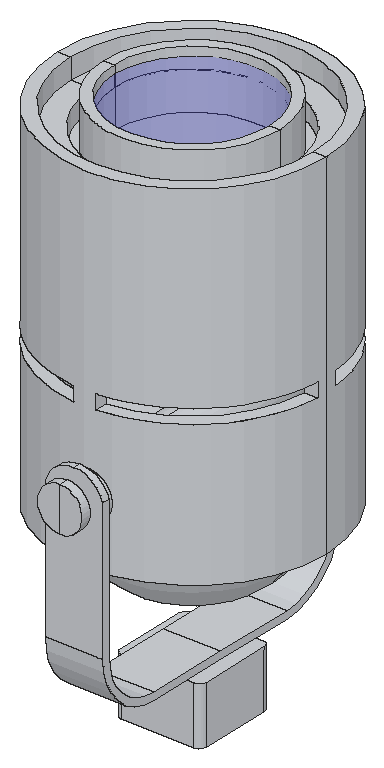
Revit family "Alcon-13110-3-SINGLE", category Generic Models, host Face, Revit 2025
Family settings
  Host = Face
  Can host rebar = No
  Round Connector Dimension = Use Diameter
  Part Type = Normal
  Cut with Voids When Loaded = No
  Maintain Annotation Orientation = No
  Shared = No
  Room Calculation Point = No
Parameters
  URL = "https://www.alconlighting.com/?srsltid=AfmBOooDPhGQ0dEP-X2PMtxFfvvWpIAEL4jCll_O2F4_to5onvhnBomy"
  Product Page URL = "https://www.alconlighting.com/bella-mini-cylinder-13110.html"
  Model = "13110"
  Manufacturer = "ALCON Lighter"
  Fixture Rotation = 90.00°
  Default Elevation = 4' - 0"
Reference planes (in)
  plane 1 "Center (Front/Back)": y = 0
  plane 2: z = 0
  plane 3 "Center (Left/Right)": x = 0
  plane 4: z = 2.21166
Forms (in)
  Extrusion 1, solid
    sketch origin (0.03835, 0, 2.21166) x (0, -1, 0) y (0, 0, -1)
      loop
        line (0, 1.64916) -> (0.72361, 1.64916)
        arc (0.72361, 1.64916) -> (1.07716, 1.50272) -> (1.22361, 1.14916) r 0.5
        line (1.22361, 1.14916) -> (1.22361, -0.29381) -> (1.28611, -0.29381) -> (1.28611, 1.14824)
        arc (1.28611, 1.14824) -> (1.12109, 1.54664) -> (0.72269, 1.71166) r 0.56342
        line (0.72269, 1.71166) -> (0, 1.71166) -> (-0.72219, 1.71166)
        arc (-0.72219, 1.71166) -> (-1.12059, 1.54664) -> (-1.28561, 1.14824) r 0.56342
        line (-1.28561, 1.14824) -> (-1.28561, -0.29381) -> (-1.22311, -0.29381) -> (-1.22311, 1.14916)
        arc (-1.22311, 1.14916) -> (-1.07666, 1.50272) -> (-0.72311, 1.64916) r 0.5
        line (-0.72311, 1.64916) -> (0, 1.64916)
    from -0.28835 to 0.21165
  Extrusion 2, solid
    sketch origin (0, 0, 0.5) x (0, 1, 0) y (1, 0, 0)
      loop
        arc (-0.375, -0.3125) -> (-0.35669, -0.35669) -> (-0.3125, -0.375) r 0.0625
        line (-0.3125, -0.375) -> (0.3125, -0.375)
        arc (0.3125, -0.375) -> (0.35669, -0.35669) -> (0.375, -0.3125) r 0.0625
        line (0.375, -0.3125) -> (0.375, 0.3125)
        arc (0.375, 0.3125) -> (0.35669, 0.35669) -> (0.3125, 0.375) r 0.0625
        line (0.3125, 0.375) -> (-0.3125, 0.375)
        arc (-0.3125, 0.375) -> (-0.35669, 0.35669) -> (-0.375, 0.3125) r 0.0625
        line (-0.375, 0.3125) -> (-0.375, -0.3125)
    from 0 to 0.5
  Extrusion 3, void
    sketch origin (0, 0, 0) x (1, 0, 0) y (0, 0, 1)
      loop
        line (-0.32875, 2.54598) -> (-0.32875, 0.32939) -> (-0.26003, 0.32939) -> (-0.26003, 2.21166)
        arc (-0.26003, 2.21166) -> (-0.18387, 2.39553) -> (0, 2.47169) r 0.26003
        arc (0, 2.47169) -> (0.18387, 2.39553) -> (0.26003, 2.21166) r 0.26003
        line (0.26003, 2.21166) -> (0.26003, 0.32939) -> (0.35969, 0.32939) -> (0.35969, 2.54598) -> (-0.32875, 2.54598)
    from -6.21513 to 12
Cuts and joins
  Extrusion 3 cuts Extrusion 1
Dimensions and locks (in)
  "Fixture Rotation": angle nested 1 to plane 4
  aligned and locked: plane 2 to host face
  aligned and locked: level to host face
Automatic sketch dimensions
  host sketch curve to host sketch curve = 8' - 0"  (x2)
  Extrusion 1 sketch curve to plane 1 "Center (Front/Back)" = 0' - 0"  (x2)
  Extrusion 1 sketch curve to plane 1 "Center (Front/Back)" = 0' - 0.72219"
  Extrusion 1 sketch curve to Extrusion 1 sketch curve = 0' - 0.00092"  (x3)
  Extrusion 1 sketch curve to Extrusion 1 sketch curve = 0' - 0 1/2"
  Extrusion 1 sketch curve to Extrusion 1 sketch curve = 0' - 0 1/16"  (x2)
  plane 1 "Center (Front/Back)" to Extrusion 1 sketch curve = 0' - 0.72269"
  Extrusion 1 sketch curve to plane 4 = 0' - 0.29381"  (x2)
  plane 1 "Center (Front/Back)" to Extrusion 1 sketch curve = 0' - 1.22361"
  level to Extrusion 1 sketch curve = 0' - 1.06342"
  plane 1 "Center (Front/Back)" to Extrusion 2 sketch curve = 0' - 0 3/8"
  Extrusion 2 sketch curve to Extrusion 2 sketch curve = 0' - 0 1/16"  (x3)
  Extrusion 2 sketch curve to plane 1 "Center (Front/Back)" = 0' - 0 5/16"  (x2)
  plane 3 "Center (Left/Right)" to Extrusion 2 sketch curve = 0' - 0 3/8"
  Extrusion 2 sketch curve to plane 3 "Center (Left/Right)" = 0' - 0 5/16"
  Extrusion 3 sketch curve to Extrusion 3 sketch curve = 0' - 0"  (x2)
  Extrusion 3 sketch curve to plane 4 = 0' - 0"
  Extrusion 3 sketch curve to plane 3 "Center (Left/Right)" = 0' - 0"
  Extrusion 3 sketch curve to Extrusion 3 sketch curve = 0' - 0.26003"
  Extrusion 3 sketch curve to plane 3 "Center (Left/Right)" = 0' - 0.32875"
  Extrusion 3 sketch curve to Extrusion 3 sketch curve = 0' - 0.09966"
  level to Extrusion 3 sketch curve = 0' - 0.32939"  (x2)
  Extrusion 3 sketch curve to plane 4 = 0' - 0.33432"
Nested families (in)
  nested 1: "Alcon-13110-3_CAN_" at (0, 0, 2.21166) x (0, 0, -1) z (0, -1, 0), type "Alcon-13110-3_CAN_"
    with built-in parameter 1001306 0.22092 (stored number, unit not read)
Definition of nested family "Alcon-13110-3_CAN_"
  Parameters (values of type "Alcon-13110-3_CAN_")
    Wattage = 9.2903 W
    built-in parameter 1150110 = 1 (stored number, unit not read)
    built-in parameter 1114217 = 1 (stored number, unit not read)
    Tilt Angle = 60.00°
    built-in parameter 1150109 = 1 (stored number, unit not read)
    built-in parameter 1150134 = 3
    built-in parameter 1150113 = 1 (stored number, unit not read)
    built-in parameter 1010507 = 1.5708 (stored number, unit not read)
    built-in parameter 1010506 = 0.5236 (stored number, unit not read)
    built-in parameter 1150105 = 4614.1 (stored number, unit not read)
    Lumens = 1380 lm
    built-in parameter 1150115 = 1 (stored number, unit not read)
    Light Source Symbol Length = 10' - 0"
    built-in parameter 1150137 = (empty or 0)
    built-in parameter 1150139 = (empty or 0)
    built-in parameter 1001306 [instance] = 4' - 0"
    built-in parameter 1150112 = 1 (stored number, unit not read)
    built-in parameter 1150114 = 1 (stored number, unit not read)
    built-in parameter 1150132 = (empty or 0)
    built-in parameter 1150102 = (empty or 0)
    built-in parameter 1150107 = 3200 (stored number, unit not read)
    built-in parameter 1150138 = (empty or 0)
    built-in parameter 1150106 = 46.141 (stored number, unit not read)
    Glass Lens = none
    built-in parameter 1150104 = 13.8 (stored number, unit not read)
    Dimming Lamp Color Temperature Shift = (empty or 0)
    Default Elevation = 0' - 0"
    Color Filter = 16777215
    built-in parameter 1114218 = 1 (stored number, unit not read)
    built-in parameter 1150133 = 10 (stored number, unit not read)
  Reference planes (in)
    plane 1 "Center (Front/Back)": y = 0
    plane 2: z = 0
    plane 3 "Left": x = 0
    plane 4 "Right": x = 48
  Forms (in)
    Revolve 1, solid
      sketch origin (0.56598, 0, 0) x (0, 1, 0) y (-1, 0, 0)
        loop
          line (1.17, 0) -> (1.17, 3.09) -> (1.05782, 3.09) -> (1.05782, 0.32531) -> (0, 0.32531) -> (0, -0.62074) -> (0.1402, -0.62074)
          arc (0.1402, -0.62074) -> (0.70128, -0.38833) -> (0.93369, 0.17275) r 0.7935
          line (0.93369, 0.17275) -> (0.93369, 0.25) -> (1.05782, 0.25) -> (1.05782, 0) -> (1.17, 0)
        axis (0, -0.62074) -> (0, 3.09)
      angle from 0 to 360
    Extrusion 2, solid, material <- "Glass Lens"
      sketch origin (-2.52402, 1.17502, 0) x (0, -1, 0) y (0, 0, -1)
        loop
          arc (1.09256, 0.6735) -> (0.71883, -0.50601) -> (1.84794, 0) r 0.67794
          arc (1.84794, 0) -> (1.62117, 0.50601) -> (1.09256, 0.6735) r 0.67794
      from 0 to 0.10592
    Extrusion 3, solid
      sketch origin (0, 0, 0) x (1, 0, 0) y (0, 1, 0)
        loop
          circle (0, 0) r 0.21706
      from -1.22415 to 1.22361
    Revolve 4, solid
      sketch origin (0, 0, 0) x (1, 0, 0) y (0, 0, 1)
        loop
          line (-0.08431, 1.22361) -> (0, 1.22361) -> (0, 1.43841) -> (-0.194, 1.43841) -> (-0.194, 1.35666) -> (-0.08431, 1.35666) -> (-0.08431, 1.22361)
        axis (0, 1.43841) -> (0, 1.22361)
      angle from 0 to 360
    Revolve 5, solid
      sketch origin (0, 0, 0) x (1, 0, 0) y (0, 0, 1)
        loop
          line (-0.08431, -1.22361) -> (-0.08431, -1.34434) -> (-0.16093, -1.34434) -> (-0.16093, -1.41379) -> (0, -1.41379) -> (0, -1.22361) -> (-0.08431, -1.22361)
        axis (0, -1.41379) -> (0, -1.22361)
      angle from 0 to 360
    Revolve 6, solid
      sketch origin (0, 0, 0) x (1, 0, 0) y (0, 1, 0)
        loop
          line (-2.34852, 1.05782) -> (-2.34852, 0.85719) -> (-2.19199, 0.85719) -> (-2.19199, 0.7668) -> (-2.5996, 0.7668) -> (-2.5996, 0.67793) -> (-2.08607, 0.67793) -> (-2.08607, 1.05782) -> (-2.34852, 1.05782)
        axis (-2.5996, 0) -> (-2.08607, 0)
      angle from 0 to 360
    Extrusion 7, void
      sketch origin (-0.81422, 1.61405, 0) x (0, 1, 0) y (0, 0, 1)
        loop
          line (-0.44781, -0.09375) -> (-0.59805, -0.09375)
          arc (-0.59805, -0.09375) -> (-0.59373, 0) -> (-0.59805, 0.09375) r 1.02032
          line (-0.59805, 0.09375) -> (-0.44781, 0.09375)
          arc (-0.44781, 0.09375) -> (-0.78673, 0.82731) -> (-1.5203, 1.16624) r 1.17
          line (-1.5203, 1.16624) -> (-1.5203, 1.016)
          arc (-1.5203, 1.016) -> (-1.61405, 1.02032) -> (-1.7078, 1.016) r 1.02032
          line (-1.7078, 1.016) -> (-1.7078, 1.16624)
          arc (-1.7078, 1.16624) -> (-2.44136, 0.82731) -> (-2.78029, 0.09375) r 1.17
          line (-2.78029, 0.09375) -> (-2.63005, 0.09375)
          arc (-2.63005, 0.09375) -> (-2.63232, 0.06463) -> (-2.63375, 0.03546) r 1.02032
          arc (-2.63375, 0.03546) -> (-2.63395, -0.0292) -> (-2.63005, -0.09375) r 1.02032
          line (-2.63005, -0.09375) -> (-2.78029, -0.09375)
          arc (-2.78029, -0.09375) -> (-2.44136, -0.82731) -> (-1.7078, -1.16624) r 1.17
          line (-1.7078, -1.16624) -> (-1.7078, -1.016)
          arc (-1.7078, -1.016) -> (-1.61405, -1.02032) -> (-1.5203, -1.016) r 1.02032
          line (-1.5203, -1.016) -> (-1.5203, -1.16624)
          arc (-1.5203, -1.16624) -> (-0.78673, -0.82731) -> (-0.44781, -0.09375) r 1.17
        loop
          arc (-0.62498, 0) -> (-0.62548, 0.03127) -> (-0.62696, 0.0625) r 0.98907
          arc (-0.62696, 0.0625) -> (-0.92614, 0.71066) -> (-1.58369, 0.9886) r 0.98907
          arc (-1.58369, 0.9886) -> (-1.64782, 0.98849) -> (-1.71181, 0.98422) r 0.98907
          arc (-1.71181, 0.98422) -> (-2.33486, 0.67727) -> (-2.60245, 0.03633) r 0.98907
          arc (-2.60245, 0.03633) -> (-2.3475, -0.66356) -> (-1.67655, -0.98709) r 0.98907
          arc (-1.67655, -0.98709) -> (-1.61405, -0.98907) -> (-1.55155, -0.98709) r 0.98907
          arc (-1.55155, -0.98709) -> (-0.91467, -0.69938) -> (-0.62696, -0.0625) r 0.98907
          arc (-0.62696, -0.0625) -> (-0.62548, -0.03127) -> (-0.62498, 0) r 0.98907
      from 0 to 0.125
  Cuts and joins
    Extrusion 7 cuts Revolve 1
    Extrusion 7 cuts Extrusion 3
  Lines and regions (in)
    reference lines
      curve 1: line (0, 0, 0) -> (48, 0, 0)
    model lines
      curve 2: line (0, 0, 0) -> (-6.37585, 0, 0)
      curve 3: line (0.56598, 1.17, 0) -> (0.56598, 1.77666, 0)
  Dimensions and locks (in)
    "built-in parameter 1001306": plane 3 "Left" to plane 4 "Right"
    aligned and locked: plane 4 "Right" to curve 1
    aligned and locked: plane 1 "Center (Front/Back)" to curve 1
    aligned and locked: plane 3 "Left" to curve 1
    aligned and locked: level to plane 2
  Automatic sketch dimensions
    curve 2 to level = 0' - 0"
    curve 2 to plane 3 "Left" = 0' - 0"
    curve 2 to plane 3 "Left" = 0' - 6.37585"
    plane 1 "Center (Front/Back)" to Extrusion 3 sketch curve = 0' - 0"
    Extrusion 3 sketch curve to plane 3 "Left" = 0' - 0"
    Revolve 5 sketch curve to plane 3 "Left" = 0' - 0"  (x2)
    Revolve 5 sketch curve to plane 3 "Left" = 0' - 0.08431"
    Revolve 5 sketch curve to Revolve 5 sketch curve = 0' - 0.07662"
    Revolve 5 sketch curve to level = 0' - 1.41379"
    Revolve 5 sketch curve to Revolve 5 sketch curve = 0' - 0.06945"
    Revolve 5 sketch curve to Revolve 5 sketch curve = 0' - 0.12073"
    Revolve 5 sketch curve to Revolve 5 sketch curve = 0' - 0.05713"
    Revolve 5 sketch curve to Revolve 5 sketch curve = 0' - 0"
    Revolve 4 sketch curve to plane 3 "Left" = 0' - 0"  (x2)
    Revolve 4 sketch curve to Revolve 4 sketch curve = 0' - 0.08431"
    Revolve 4 sketch curve to Revolve 4 sketch curve = 0' - 0.10969"
    level to Revolve 4 sketch curve = 0' - 1.22361"
    Revolve 4 sketch curve to Revolve 4 sketch curve = 0' - 0.13305"
    Revolve 4 sketch curve to Revolve 4 sketch curve = 0' - 0.08175"  (x2)
    Revolve 4 sketch curve to Revolve 4 sketch curve = 0' - 0"
    plane 3 "Left" to curve 3 = 0' - 0.56598"
    curve 3 to plane 1 "Center (Front/Back)" = 0' - 1.17"
    curve 3 to curve 3 = 0' - 0.60666"
    plane 1 "Center (Front/Back)" to Revolve 1 sketch curve = 0' - 0"  (x2)
    Revolve 1 sketch curve to plane 1 "Center (Front/Back)" = 0' - 0.1402"
    plane 3 "Left" to Revolve 1 sketch curve = 0' - 0.39323"
    Revolve 1 sketch curve to Revolve 1 sketch curve = 0' - 0.12413"
    Revolve 1 sketch curve to Revolve 1 sketch curve = 0' - 0"
    Revolve 1 sketch curve to Revolve 1 sketch curve = 0' - 0.11218"
    Revolve 1 sketch curve to Revolve 1 sketch curve = 0' - 0.17275"
    Revolve 1 sketch curve to Revolve 1 sketch curve = 0' - 0.07725"
    Revolve 1 sketch curve to Revolve 1 sketch curve = 0' - 0.7935"
    Revolve 1 sketch curve to Revolve 1 sketch curve = 0' - 0.94605"
    Revolve 1 sketch curve to plane 3 "Left" = 0' - 2.52402"
    Revolve 1 sketch curve to plane 3 "Left" = 0' - 0.42289"
    Revolve 1 sketch curve to Revolve 1 sketch curve = 0' - 0.52048"
    plane 1 "Center (Front/Back)" to Revolve 6 sketch curve = 0' - 0"
    Revolve 6 sketch curve to plane 1 "Center (Front/Back)" = 0' - 0.7668"
    Revolve 6 sketch curve to plane 3 "Left" = 0' - 2.5996"
    Revolve 6 sketch curve to Revolve 6 sketch curve = 0' - 0.25109"
    Revolve 6 sketch curve to Revolve 6 sketch curve = 0' - 0.15653"
    Revolve 6 sketch curve to Revolve 6 sketch curve = 0' - 0.10592"
    Revolve 6 sketch curve to Revolve 6 sketch curve = 0' - 0.08887"
    Revolve 6 sketch curve to Revolve 6 sketch curve = 0' - 0.09039"
    Revolve 6 sketch curve to Revolve 6 sketch curve = 0' - 0.20063"
    Revolve 6 sketch curve to Revolve 6 sketch curve = 0' - 0.18449"
    Revolve 6 sketch curve to Revolve 6 sketch curve = 0' - 0.70806"
    Extrusion 2 sketch curve to plane 1 "Center (Front/Back)" = 0' - 0.08246"
    Extrusion 2 sketch curve to Extrusion 2 sketch curve = 0' - 0"  (x2)
    Extrusion 2 sketch curve to level = 0' - 0"
    Extrusion 2 sketch curve to plane 1 "Center (Front/Back)" = 0' - 0.00502"
    plane 1 "Center (Front/Back)" to Extrusion 2 sketch curve = 0' - 0.67292"
    Extrusion 7 sketch curve to Extrusion 7 sketch curve = 0' - 0"  (x304)
    Extrusion 7 sketch curve to Extrusion 7 sketch curve = 0' - 0.15024"  (x6)
    Extrusion 7 sketch curve to Extrusion 7 sketch curve = 0' - 0.92225"  (x2)
    Extrusion 7 sketch curve to Extrusion 7 sketch curve = 0' - 0 3/32"
    Extrusion 7 sketch curve to Extrusion 7 sketch curve = 0' - 0 3/16"  (x2)
    Extrusion 7 sketch curve to Extrusion 7 sketch curve = 0' - 1.016"
    Extrusion 7 sketch curve to Extrusion 7 sketch curve = 0' - 0.02693"
    Extrusion 7 sketch curve to Extrusion 7 sketch curve = 0' - 0.02891"  (x2)
    Extrusion 7 sketch curve to Extrusion 7 sketch curve = 0' - 0 1/32"  (x2)
    Extrusion 7 sketch curve to Extrusion 7 sketch curve = 0' - 0.06339"
    Extrusion 7 sketch curve to Extrusion 7 sketch curve = 0' - 0.00401"
    Extrusion 7 sketch curve to Extrusion 7 sketch curve = 0' - 0.0313"
    Extrusion 7 sketch curve to level = 0' - 0"
    Extrusion 7 sketch curve to plane 1 "Center (Front/Back)" = 0' - 0"
    level to Extrusion 7 sketch curve = 0' - 0 3/32"
    Extrusion 7 sketch curve to level = 0' - 1.016"
    level to Extrusion 7 sketch curve = 0' - 0.03546"
    radius of Extrusion 3 sketch curve = 0' - 0.21706"
